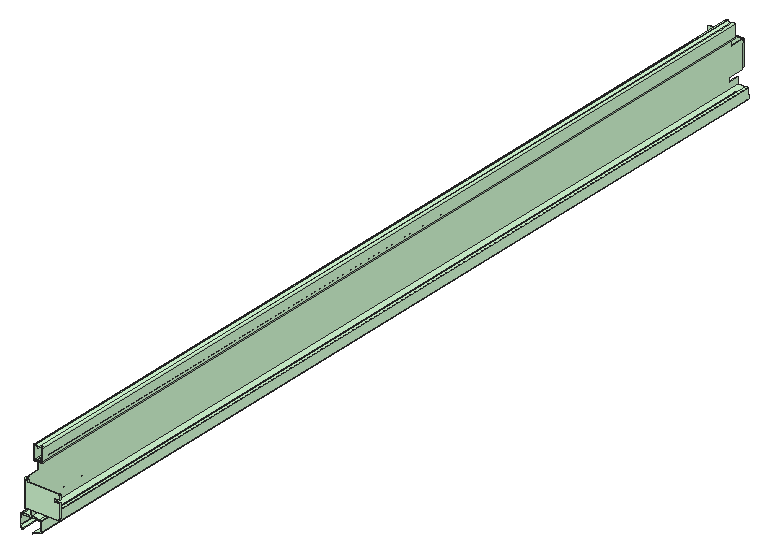
Revit family "eYバー4815クロス(600グリッド用）", category 機械設備, Revit 2020
Family settings
  丸型コネクタ寸法 = 直径を使用
  種別 = なし
  パーツ タイプ = 標準
  作業面ベース = いいえ
  常に垂直 = はい
  ロード時にボイドで切り取り = いいえ
  共有 = いいえ
  部屋計算ポイント = いいえ
Parameters
  製造元 = "株式会社桐井製作所"
  既定の高さ = 0 mm
  URL = "https://www.kirii.co.jp/"
  K_長さ(mm) = 600 mm
  K_材質 = "溶融亜鉛めっき鋼板及び鋼帯SGCC 一般用　カラー鋼板"
  K_品名 = "eYバー4815クロス(600グリッド用)"
  K_名称 = "Yバー"
  K_入数 = "30"
  K_バージョン情報 = "20220411"
  K_めっき付着量 = "JIS G 3302 Z12、カラー鋼板　塗装膜厚20μ(白色)"
  K_JIS規格 = "JIS G 3302"
Reference planes
  plane 1 "中心(正面/背面)": y = 0
  plane 2: z = 0
  plane 3 "中心(左/右)": x = 0
  plane 4: y = 600
Forms (mm)
  Extrusion 1, solid
    sketch origin (0, -1320, 7.1) x (-1, 0, 0) y (0, 0, 1)
      loop
        arc (6.336, -7.1) -> (7.064, -6.785) -> (7.334, -6.038) r 1
        line (7.334, -6.038) -> (6.959, -0.038)
        arc (6.959, -0.038) -> (6.645, 0.629) -> (5.961, 0.9) r 1
        line (5.961, 0.9) -> (0.4, 0.9) -> (0.4, 31)
        arc (0.4, 31) -> (0.715, 31.465) -> (1.263, 31.343) r 0.5
        arc (1.263, 31.343) -> (1.627, 31.018) -> (2.1, 30.9) r 1.011
        arc (2.1, 30.9) -> (2.736, 31.164) -> (3, 31.8) r 0.9
        line (3, 31.8) -> (3, 39.9)
        arc (3, 39.9) -> (2.473, 40.781) -> (1.448, 40.734) r 1
        line (1.448, 40.734) -> (0, 39.782) -> (-1.448, 40.734)
        arc (-1.448, 40.734) -> (-2.473, 40.781) -> (-3, 39.9) r 1
        line (-3, 39.9) -> (-3, 31.8)
        arc (-3, 31.8) -> (-2.736, 31.164) -> (-2.1, 30.9) r 0.9
        arc (-2.1, 30.9) -> (-1.627, 31.018) -> (-1.263, 31.343) r 1.011
        arc (-1.263, 31.343) -> (-0.715, 31.465) -> (-0.4, 31) r 0.5
        line (-0.4, 31) -> (-0.4, 0.9) -> (-5.961, 0.9)
        arc (-5.961, 0.9) -> (-6.645, 0.629) -> (-6.959, -0.036) r 1
        line (-6.959, -0.036) -> (-7.334, -6.039)
        arc (-7.334, -6.039) -> (-7.064, -6.785) -> (-6.336, -7.1) r 1
        line (-6.336, -7.1) -> (-3.65, -7.1)
        arc (-3.65, -7.1) -> (-3.4, -6.85) -> (-3.65, -6.6) r 0.25
        line (-3.65, -6.6) -> (-6.336, -6.6)
        arc (-6.336, -6.6) -> (-6.7, -6.442) -> (-6.835, -6.069) r 0.5
        line (-6.835, -6.069) -> (-6.46, -0.069)
        arc (-6.46, -0.069) -> (-6.2, 0.339) -> (-5.718, 0.337) r 0.5
        arc (-5.718, 0.337) -> (-5.317, 0.087) -> (-4.852, 0) r 1.28
        line (-4.852, 0) -> (4.852, 0)
        arc (4.852, 0) -> (5.317, 0.087) -> (5.718, 0.337) r 1.28
        arc (5.718, 0.337) -> (6.2, 0.339) -> (6.46, -0.069) r 0.5
        line (6.46, -0.069) -> (6.835, -6.069)
        arc (6.835, -6.069) -> (6.7, -6.442) -> (6.336, -6.6) r 0.5
        line (6.336, -6.6) -> (3.65, -6.6)
        arc (3.65, -6.6) -> (3.4, -6.85) -> (3.65, -7.1) r 0.25
        line (3.65, -7.1) -> (6.336, -7.1)
      loop
        arc (-1.668, 40.4) -> (-2.283, 40.429) -> (-2.6, 39.9) r 0.6
        line (-2.6, 39.9) -> (-2.6, 31.8)
        arc (-2.6, 31.8) -> (-2.302, 31.342) -> (-1.763, 31.431) r 0.5
        line (-1.763, 31.431) -> (-1.063, 31.885)
        arc (-1.063, 31.885) -> (-0.324, 31.692) -> (0, 31) r 0.9
        arc (0, 31) -> (0.324, 31.692) -> (1.063, 31.885) r 0.9
        line (1.063, 31.885) -> (1.763, 31.431)
        arc (1.763, 31.431) -> (2.302, 31.342) -> (2.6, 31.8) r 0.5
        line (2.6, 31.8) -> (2.6, 39.9)
        arc (2.6, 39.9) -> (2.283, 40.429) -> (1.668, 40.4) r 0.6
        line (1.668, 40.4) -> (0.549, 39.664)
        arc (0.549, 39.664) -> (0, 39.5) -> (-0.549, 39.664) r 1
        line (-0.549, 39.664) -> (-1.668, 40.4)
    from 1320 to 1920
  Extrusion 2, solid
    sketch origin (-0.114, 4.062, 23.4) x (1, 0, 0) y (0, 1, 0)
      loop
        line (24.214, -7.2) -> (24.214, -6.4) -> (1.714, -6.4)
        arc (1.714, -6.4) -> (0.866, -6.049) -> (0.514, -5.2) r 1.2
        line (0.514, -5.2) -> (0.514, -2.803) -> (-0.286, -2.803) -> (-0.286, -5.2)
        arc (-0.286, -5.2) -> (0.3, -6.614) -> (1.714, -7.2) r 2
        line (1.714, -7.2) -> (24.214, -7.2)
    from -7.401 to 9.571
  Extrusion 3, void
    sketch origin (0, 4.062, 0) x (1, 0, 0) y (0, 0, 1)
      loop
        line (2.6, 31.999) -> (23.1, 31.999)
        arc (23.1, 31.999) -> (23.807, 31.706) -> (24.1, 30.999) r 1
        line (24.1, 30.999) -> (24.1, 32.971) -> (2.6, 32.971) -> (2.6, 31.999)
    from 6.4 to 7.2
  Extrusion 4, void
    sketch origin (0, 4.062, 0) x (1, 0, 0) y (0, 0, 1)
      loop
        line (24.1, 26.599) -> (24.1, 28.599) -> (21.1, 28.599) -> (21.1, 26.599) -> (24.1, 26.599)
    from 6.4 to 7.2
  Extrusion 5, void
    sketch origin (0, 4.062, 0) x (1, 0, 0) y (0, 0, 1)
      loop
        line (24.1, 15.999) -> (24.1, 16.999)
        arc (24.1, 16.999) -> (23.329, 16.289) -> (22.322, 15.999) r 2.28
        line (22.322, 15.999) -> (24.1, 15.999)
    from 6.4 to 7.2
  Extrusion 6, void
    sketch origin (0, 0, 0) x (1, 0, 0) y (0, 1, 0)
      loop
        line (-7.486, 0) -> (-3.854, 0) -> (-7.486, 3.632) -> (-7.486, 0)
    from -0.436 to 1.326
  Extrusion 7, void
    sketch origin (0, 0, 0) x (0, 1, 0) y (0, 0, 1)
      loop
        line (9.063, 48.134) -> (0, 48.134) -> (0, 32.971) -> (9.063, 32.971) -> (9.063, 48.134)
    from -3.77 to 3.77
  Extrusion 8, void
    sketch origin (0, 0, 0) x (-1, 0, 0) y (0, -1, 0)
      loop
        line (-7.486, 0) -> (-7.486, -3.632) -> (-3.854, 0) -> (-7.486, 0)
    from -0.436 to 1.326
  Extrusion 9, solid
    sketch origin (0, -1320, 7.1) x (1, 0, 0) y (0, 0, -1)
      loop
        line (6.336, 7.1) -> (3.65, 7.1)
        arc (3.65, 7.1) -> (3.4, 6.85) -> (3.65, 6.6) r 0.25
        line (3.65, 6.6) -> (6.336, 6.6)
        arc (6.336, 6.6) -> (6.7, 6.442) -> (6.835, 6.069) r 0.5
        line (6.835, 6.069) -> (6.46, 0.069)
        arc (6.46, 0.069) -> (6.2, -0.339) -> (5.718, -0.337) r 0.5
        arc (5.718, -0.337) -> (5.317, -0.087) -> (4.852, 0) r 1.28
        line (4.852, 0) -> (-4.852, 0)
        arc (-4.852, 0) -> (-5.317, -0.087) -> (-5.718, -0.337) r 1.28
        arc (-5.718, -0.337) -> (-6.2, -0.339) -> (-6.46, 0.069) r 0.5
        line (-6.46, 0.069) -> (-6.835, 6.069)
        arc (-6.835, 6.069) -> (-6.7, 6.442) -> (-6.336, 6.6) r 0.5
        line (-6.336, 6.6) -> (-3.65, 6.6)
        arc (-3.65, 6.6) -> (-3.4, 6.85) -> (-3.65, 7.1) r 0.25
        line (-3.65, 7.1) -> (-6.336, 7.1)
        arc (-6.336, 7.1) -> (-7.064, 6.785) -> (-7.334, 6.039) r 1
        line (-7.334, 6.039) -> (-6.959, 0.036)
        arc (-6.959, 0.036) -> (-6.645, -0.629) -> (-5.961, -0.9) r 1
        line (-5.961, -0.9) -> (-0.4, -0.9) -> (-0.4, -31)
        arc (-0.4, -31) -> (-0.715, -31.465) -> (-1.263, -31.343) r 0.5
        arc (-1.263, -31.343) -> (-1.627, -31.018) -> (-2.1, -30.9) r 1.011
        arc (-2.1, -30.9) -> (-2.736, -31.164) -> (-3, -31.8) r 0.9
        line (-3, -31.8) -> (-3, -39.9)
        arc (-3, -39.9) -> (-2.473, -40.781) -> (-1.448, -40.734) r 1
        line (-1.448, -40.734) -> (0, -39.782) -> (1.448, -40.734)
        arc (1.448, -40.734) -> (2.473, -40.781) -> (3, -39.9) r 1
        line (3, -39.9) -> (3, -31.8)
        arc (3, -31.8) -> (2.736, -31.164) -> (2.1, -30.9) r 0.9
        arc (2.1, -30.9) -> (1.627, -31.018) -> (1.263, -31.343) r 1.011
        arc (1.263, -31.343) -> (0.715, -31.465) -> (0.4, -31) r 0.5
        line (0.4, -31) -> (0.4, -0.9) -> (5.961, -0.9)
        arc (5.961, -0.9) -> (6.645, -0.629) -> (6.959, 0.038) r 1
        line (6.959, 0.038) -> (7.334, 6.038)
        arc (7.334, 6.038) -> (7.064, 6.785) -> (6.336, 7.1) r 1
      loop
        line (-1.668, -40.4) -> (-0.549, -39.664)
        arc (-0.549, -39.664) -> (0, -39.5) -> (0.549, -39.664) r 1
        line (0.549, -39.664) -> (1.668, -40.4)
        arc (1.668, -40.4) -> (2.283, -40.429) -> (2.6, -39.9) r 0.6
        line (2.6, -39.9) -> (2.6, -31.8)
        arc (2.6, -31.8) -> (2.302, -31.342) -> (1.763, -31.431) r 0.5
        line (1.763, -31.431) -> (1.063, -31.885)
        arc (1.063, -31.885) -> (0.324, -31.692) -> (0, -31) r 0.9
        arc (0, -31) -> (-0.324, -31.692) -> (-1.063, -31.885) r 0.9
        line (-1.063, -31.885) -> (-1.763, -31.431)
        arc (-1.763, -31.431) -> (-2.302, -31.342) -> (-2.6, -31.8) r 0.5
        line (-2.6, -31.8) -> (-2.6, -39.9)
        arc (-2.6, -39.9) -> (-2.283, -40.429) -> (-1.668, -40.4) r 0.6
    from 1320 to 1920
  Extrusion 10, void
    sketch origin (0, 0, 0) x (-1, 0, 0) y (0, -1, 0)
      loop
        line (-7.486, 0) -> (-7.486, -3.632) -> (-3.854, 0) -> (-7.486, 0)
    from -0.436 to 1.326
  Extrusion 11, void
    sketch origin (0, 0, 0) x (0, 1, 0) y (0, 0, -1)
      loop
        line (9.063, -48.134) -> (9.063, -32.971) -> (0, -32.971) -> (0, -48.134) -> (9.063, -48.134)
    from -3.77 to 3.77
  Extrusion 12, void
    sketch origin (0, 0, 0) x (0, 1, 0) y (0, 0, -1)
      loop
        line (10.963, -11.971) -> (3.047, -11.971) -> (3.047, -1.326) -> (0, -1.326) -> (0, -14.971) -> (10.963, -14.971) -> (10.963, -11.971)
    from -7.486 to 8.021
  Extrusion 13, void
    sketch origin (0, 0, 0) x (1, 0, 0) y (0, 1, 0)
      loop
        line (-7.486, 0) -> (-3.854, 0) -> (-7.486, 3.632) -> (-7.486, 0)
    from -0.436 to 1.326
  Extrusion 14, void
    sketch origin (0, 600, 0) x (0, -1, 0) y (0, 0, -1)
      loop
        line (10.963, -11.971) -> (3.047, -11.971) -> (3.047, -1.326) -> (0, -1.326) -> (0, -14.971) -> (10.963, -14.971) -> (10.963, -11.971)
    from -7.486 to 8.021
  Extrusion 15, void
    sketch origin (0, 600, 0) x (1, 0, 0) y (0, 1, 0)
      loop
        line (-7.486, 0) -> (-7.486, -3.632) -> (-3.854, 0) -> (-7.486, 0)
    from -0.436 to 1.326
  Extrusion 16, solid
    sketch origin (0.114, 595.938, 23.4) x (-1, 0, 0) y (0, -1, 0)
      loop
        line (24.214, -7.2) -> (24.214, -6.4) -> (1.714, -6.4)
        arc (1.714, -6.4) -> (0.866, -6.049) -> (0.514, -5.2) r 1.2
        line (0.514, -5.2) -> (0.514, -2.803) -> (-0.286, -2.803) -> (-0.286, -5.2)
        arc (-0.286, -5.2) -> (0.3, -6.614) -> (1.714, -7.2) r 2
        line (1.714, -7.2) -> (24.214, -7.2)
    from -7.401 to 8.599
  Extrusion 17, void
    sketch origin (0, 600, 0) x (0, -1, 0) y (0, 0, 1)
      loop
        line (9.063, 48.134) -> (0, 48.134) -> (0, 32.971) -> (9.063, 32.971) -> (9.063, 48.134)
    from -3.77 to 3.77
  Extrusion 18, void
    sketch origin (0, 600, 0) x (1, 0, 0) y (0, 1, 0)
      loop
        line (-7.486, 0) -> (-7.486, -3.632) -> (-3.854, 0) -> (-7.486, 0)
    from -0.436 to 1.326
  Extrusion 19, void
    sketch origin (0, 605.475, 0) x (-1, 0, 0) y (0, 0, -1)
      loop
        line (23.1, -31.999) -> (24.1, -31.999) -> (24.1, -30.999)
        arc (24.1, -30.999) -> (23.807, -31.706) -> (23.1, -31.999) r 1
    from 2.337 to 3.137
  Extrusion 20, void
    sketch origin (0, 609.538, 0) x (-1, 0, 0) y (0, 0, -1)
      loop
        line (24.1, -26.599) -> (21.1, -26.599) -> (21.1, -28.599) -> (24.1, -28.599) -> (24.1, -26.599)
    from 6.4 to 7.2
  Extrusion 21, void
    sketch origin (0, 609.538, 0) x (-1, 0, 0) y (0, 0, -1)
      loop
        line (24.1, -15.999) -> (22.322, -15.999)
        arc (22.322, -15.999) -> (23.329, -16.289) -> (24.1, -16.999) r 2.28
        line (24.1, -16.999) -> (24.1, -15.999)
    from 6.4 to 7.2
  Extrusion 22, void
    sketch origin (0, 600, 0) x (-1, 0, 0) y (0, -1, 0)
      loop
        line (-7.486, 0) -> (-3.854, 0) -> (-7.486, 3.632) -> (-7.486, 0)
    from -0.436 to 1.326
  Extrusion 23, void
    sketch origin (0, 600, 0) x (-1, 0, 0) y (0, -1, 0)
      loop
        line (-7.486, 0) -> (-3.854, 0) -> (-7.486, 3.632) -> (-7.486, 0)
    from -0.436 to 1.326
Cuts and joins
  Extrusion 6, Extrusion 7, Extrusion 8, Extrusion 10, Extrusion 11, Extrusion 12, Extrusion 14, Extrusion 15, Extrusion 17, Extrusion 23 cuts Extrusion 1
  Extrusion 3, Extrusion 4, Extrusion 5, Extrusion 10, Extrusion 11, Extrusion 23 cuts Extrusion 2
  joined: Extrusion 1, Extrusion 2
  Extrusion 6, Extrusion 10, Extrusion 11, Extrusion 12, Extrusion 13, Extrusion 14, Extrusion 15, Extrusion 17, Extrusion 18, Extrusion 22 cuts Extrusion 9
  Extrusion 14, Extrusion 19, Extrusion 20, Extrusion 21, Extrusion 22 cuts Extrusion 16
  joined: Extrusion 9, Extrusion 16
Dimensions and locks
  plane 4 to plane 1 "中心(正面/背面)" = 600 mm
  aligned and locked: level to plane 2
  aligned and locked: plane 4 to Extrusion 1
